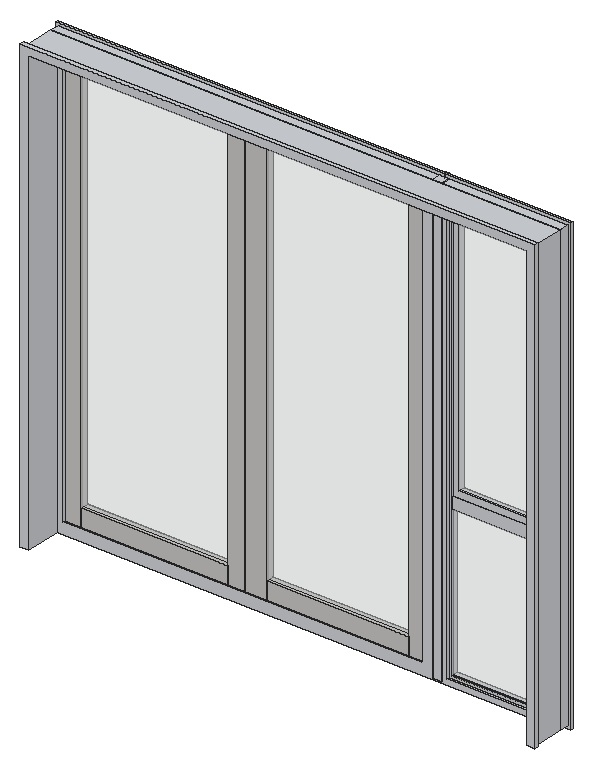
Revit family "APL Residential Thermal Heart French Door with Sidelight", category Doors, host Wall, Revit 2017 (continued)
Definition of nested family "APL Residential Thermal Heart French Door with Sidelight Horizontal Section"
  Definition of nested family "Coupling Bar"
    Definition of nested family "65190_Coupling Bar"
      Lines and regions (mm)
        model lines, in view "Ref. Level"
          curve 68: arc (-9, 42.318, 0) -> (-8.801, 42.623, 0) -> (-9.043, 42.895, 0) r 0.3
          curve 69: arc (-9.043, 42.895, 0) -> (-9.181, 42.961, 0) -> (-9.268, 43.087, 0) r 0.3
          curve 70: arc (-9.782, 44.498, 0) -> (-9.738, 44.783, 0) -> (-9.474, 44.899, 0) r 0.3
          curve 71: arc (-7.108, 44.692, 0) -> (-7.008, 44.665, 0) -> (-6.922, 44.606, 0) r 0.3
          curve 72: arc (-6.558, 44.242, 0) -> (-6.507, 44.049, 0) -> (-6.648, 43.907, 0) r 0.2
          curve 73: arc (-6.815, 43.862, 0) -> (-6.905, 43.811, 0) -> (-6.957, 43.721, 0) r 0.2
          curve 74: arc (-7.5, 41.5, 0) -> (-7.307, 41.22, 0) -> (-6.976, 41.3, 0) r 0.3
          curve 75: arc (-6.976, 41.3, 0) -> (-6.875, 41.374, 0) -> (-6.753, 41.4, 0) r 0.3
          curve 76: arc (-2.75, 41.207, 0) -> (-2.577, 41.242, 0) -> (-2.5, 41.4, 0) r 0.2
          curve 77: arc (-2.5, 41.922, 0) -> (-2.511, 42.003, 0) -> (-2.544, 42.078, 0) r 0.3
          curve 78: line (2.622, 39.5, 0) -> (-7.1, 39.5, 0)
          curve 79: line (-7.6, 39, 0) -> (-7.6, 14.758, 0)
          curve 80: line (-7.1, 14.258, 0) -> (2.498, 14.258, 0)
          curve 81: line (7.6, 20.049, 0) -> (7.6, 33.269, 0)
          curve 82: line (-3.5, 43.895, 0) -> (-3.5, 44.145, 0)
          curve 83: line (-3.3, 44.345, 0) -> (-2.484, 44.345, 0)
          curve 84: line (-2.1, 44.165, 0) -> (-0.154, 41.83, 0)
          curve 85: line (0.154, 41.83, 0) -> (2.1, 44.165, 0)
          curve 86: line (2.484, 44.345, 0) -> (3.3, 44.345, 0)
          curve 87: line (3.5, 44.145, 0) -> (3.5, 43.895, 0)
          curve 88: line (3.309, 43.331, 0) -> (2.544, 42.078, 0)
          curve 89: line (2.544, 42.078, 0) -> (2.5, 41.4, 0)
          curve 90: line (2.75, 41.207, 0) -> (3.5, 41.4, 0)
          curve 91: line (3.475, 41.394, 0) -> (6.753, 41.4, 0)
          curve 92: line (7.5, 41.655, 0) -> (6.957, 43.721, 0)
          curve 93: line (6.957, 43.721, 0) -> (6.648, 43.907, 0)
          curve 94: line (6.558, 44.242, 0) -> (6.922, 44.606, 0)
          curve 95: line (7.108, 44.692, 0) -> (9.474, 44.899, 0)
          curve 96: line (9.782, 44.498, 0) -> (9.268, 43.087, 0)
          curve 97: line (9, 42.318, 0) -> (9, 13.358, 0)
          curve 98: line (8.5, 12.858, 0) -> (1.027, 12.858, 0)
          curve 99: line (0.846, 12.742, 0) -> (0.519, 12.04, 0)
          curve 100: line (0.519, 12.04, 0) -> (0.5, 10.7, 0)
          curve 101: line (0.7, 10.5, 0) -> (6.2, 10.5, 0)
          curve 102: line (6.2, 9.3, 0) -> (1.7, 9.3, 0)
          curve 103: line (1.5, 9.1, 0) -> (1.5, 7.5, 0)
          curve 104: line (1.3, 7.3, 0) -> (1, 7.3, 0)
          curve 105: line (0.8, 7.1, 0) -> (0.8, 3.8, 0)
          curve 106: line (1, 3.6, 0) -> (1.3, 3.6, 0)
          curve 107: line (1.5, 3.4, 0) -> (1.5, 1.8, 0)
          curve 108: line (1.7, 1.6, 0) -> (8.2, 1.6, 0)
          curve 109: line (8.2, 0, 0) -> (-8.2, 0, 0)
          curve 110: line (-8.2, 1.6, 0) -> (-1.7, 1.6, 0)
          curve 111: line (-1.5, 1.8, 0) -> (-1.5, 3.4, 0)
          curve 112: line (-1.3, 3.6, 0) -> (-1, 3.6, 0)
          curve 113: line (-0.8, 3.8, 0) -> (-0.8, 7.1, 0)
          curve 114: line (-1, 7.3, 0) -> (-1.3, 7.3, 0)
          curve 115: line (-1.5, 7.5, 0) -> (-1.5, 9.1, 0)
          curve 116: line (-1.7, 9.3, 0) -> (-6.2, 9.3, 0)
          curve 117: line (-6.2, 10.5, 0) -> (-0.7, 10.5, 0)
          curve 118: line (-0.5, 10.7, 0) -> (-0.5, 11.956, 0)
          curve 119: line (-0.5, 11.956, 0) -> (-0.846, 12.742, 0)
          curve 120: line (-1.027, 12.858, 0) -> (-8.5, 12.858, 0)
          curve 121: line (-9, 13.358, 0) -> (-9, 16.258, 0)
          curve 122: line (-9, 16.258, 0) -> (-8.6, 16.658, 0)
          curve 123: line (-8.6, 16.658, 0) -> (-9, 17.058, 0)
          curve 124: line (-9, 17.058, 0) -> (-9, 36.26, 0)
          curve 125: line (-9, 36.26, 0) -> (-8.6, 36.66, 0)
          curve 126: line (-8.6, 36.66, 0) -> (-9, 37.06, 0)
          curve 127: line (-9, 37.06, 0) -> (-9, 42.318, 0)
          curve 128: line (-9.268, 43.087, 0) -> (-9.782, 44.498, 0)
          curve 129: line (-9.474, 44.899, 0) -> (-7.108, 44.692, 0)
          curve 130: line (-6.922, 44.606, 0) -> (-6.558, 44.242, 0)
          curve 131: line (-6.648, 43.907, 0) -> (-6.815, 43.862, 0)
          curve 132: line (-6.815, 43.862, 0) -> (-7.49, 41.732, 0)
          curve 133: line (-7.49, 41.732, 0) -> (-7.5, 41.5, 0)
          curve 134: line (-6.753, 41.4, 0) -> (-3.525, 41.4, 0)
          curve 135: line (-3.525, 41.4, 0) -> (-2.75, 41.207, 0)
          curve 136: line (-2.5, 41.4, 0) -> (-2.5, 41.922, 0)
          curve 137: line (-2.5, 41.922, 0) -> (-3.309, 43.331, 0)
          curve 138: arc (-3.4, 41.4, 0) -> (-3.117, 41.518, 0) -> (-3, 41.8, 0) r 0.4
          curve 139: arc (-3, 42.093, 0) -> (-3.014, 42.197, 0) -> (-3.054, 42.293, 0) r 0.4
          curve 140: arc (-3.938, 43.821, 0) -> (-4.059, 44.111, 0) -> (-4.1, 44.423, 0) r 1.2
          curve 141: arc (-4.1, 45.345, 0) -> (-4.281, 45.919, 0) -> (-4.758, 46.285, 0) r 1
          curve 142: arc (-6.937, 47.078, 0) -> (-7.128, 47.224, 0) -> (-7.2, 47.454, 0) r 0.4
          curve 143: arc (-7.2, 50.147, 0) -> (-7.128, 50.377, 0) -> (-6.937, 50.523, 0) r 0.4
          curve 144: arc (-4.758, 51.316, 0) -> (-4.281, 51.682, 0) -> (-4.1, 52.256, 0) r 1
          curve 145: arc (-4.1, 53.178, 0) -> (-4.059, 53.489, 0) -> (-3.938, 53.779, 0) r 1.2
          curve 146: arc (-3.054, 55.307, 0) -> (-3.014, 55.404, 0) -> (-3, 55.508, 0) r 0.4
          curve 147: arc (-3, 55.8, 0) -> (-3.117, 56.083, 0) -> (-3.4, 56.2, 0) r 0.4
          curve 148: arc (-6.8, 56.2, 0) -> (-7.083, 56.083, 0) -> (-7.2, 55.8, 0) r 0.4
          curve 149: arc (-7.2, 55.508, 0) -> (-7.186, 55.404, 0) -> (-7.146, 55.307, 0) r 0.4
          curve 150: arc (-6.261, 53.779, 0) -> (-6.14, 53.485, 0) -> (-6.1, 53.17, 0) r 1.2
          curve 151: arc (-6.1, 53.17, 0) -> (-6.153, 52.996, 0) -> (-6.297, 52.884, 0) r 0.3
          curve 152: arc (-8.737, 51.996, 0) -> (-8.928, 51.85, 0) -> (-9, 51.62, 0) r 0.4
          curve 153: arc (-9, 45.98, 0) -> (-8.928, 45.751, 0) -> (-8.737, 45.605, 0) r 0.4
          curve 154: arc (-6.297, 44.717, 0) -> (-6.153, 44.605, 0) -> (-6.1, 44.431, 0) r 0.3
          curve 155: arc (-6.1, 44.431, 0) -> (-6.14, 44.115, 0) -> (-6.261, 43.821, 0) r 1.2
          curve 156: arc (-7.146, 42.293, 0) -> (-7.186, 42.197, 0) -> (-7.2, 42.093, 0) r 0.4
          curve 157: arc (-7.2, 41.8, 0) -> (-7.083, 41.518, 0) -> (-6.8, 41.4, 0) r 0.4
          curve 158: line (-3, 41.8, 0) -> (-3, 42.093, 0)
          curve 159: line (-3.054, 42.293, 0) -> (-3.938, 43.821, 0)
          curve 160: line (-4.1, 44.423, 0) -> (-4.1, 45.345, 0)
          curve 161: line (-4.758, 46.285, 0) -> (-6.937, 47.078, 0)
          curve 162: line (-7.2, 47.454, 0) -> (-7.2, 50.147, 0)
          curve 163: line (-6.937, 50.523, 0) -> (-4.758, 51.316, 0)
          curve 164: line (-4.1, 52.256, 0) -> (-4.1, 53.178, 0)
          curve 165: line (-3.938, 53.779, 0) -> (-3.054, 55.307, 0)
          curve 166: line (-3, 55.508, 0) -> (-3, 55.8, 0)
          curve 167: line (-3.4, 56.2, 0) -> (-6.8, 56.2, 0)
          curve 168: line (-7.2, 55.8, 0) -> (-7.2, 55.508, 0)
          curve 169: line (-7.146, 55.307, 0) -> (-6.261, 53.779, 0)
          curve 170: line (-6.297, 52.884, 0) -> (-8.737, 51.996, 0)
          curve 171: line (-9, 51.62, 0) -> (-9, 45.98, 0)
          curve 172: line (-8.737, 45.605, 0) -> (-6.297, 44.717, 0)
          curve 173: line (-6.261, 43.821, 0) -> (-7.146, 42.293, 0)
          curve 174: line (-7.2, 42.093, 0) -> (-7.2, 41.8, 0)
          curve 175: line (-6.8, 41.4, 0) -> (-3.4, 41.4, 0)
          curve 176: arc (-19.6, 66.4, 0) -> (-19.953, 66.253, 0) -> (-20.1, 65.9, 0) r 0.5
          curve 177: arc (-20.1, 58.6, 0) -> (-19.953, 58.247, 0) -> (-19.6, 58.1, 0) r 0.5
          curve 178: arc (19.6, 58.1, 0) -> (19.953, 58.247, 0) -> (20.1, 58.6, 0) r 0.5
          curve 179: arc (20.1, 65.898, 0) -> (19.954, 66.253, 0) -> (19.6, 66.4, 0) r 0.5
          curve 180: arc (6.957, 53.88, 0) -> (6.905, 53.79, 0) -> (6.815, 53.738, 0) r 0.2
          curve 181: arc (6.648, 53.694, 0) -> (6.507, 53.552, 0) -> (6.558, 53.359, 0) r 0.2
          curve 182: arc (6.922, 52.995, 0) -> (7.008, 52.935, 0) -> (7.108, 52.908, 0) r 0.3
          curve 183: arc (9.474, 52.702, 0) -> (9.738, 52.818, 0) -> (9.782, 53.103, 0) r 0.3
          curve 184: arc (9.268, 54.514, 0) -> (9.181, 54.64, 0) -> (9.043, 54.706, 0) r 0.3
          curve 185: arc (9.043, 54.706, 0) -> (8.801, 54.978, 0) -> (9, 55.283, 0) r 0.3
          curve 186: arc (9, 56.6, 0) -> (9.058, 56.742, 0) -> (9.2, 56.8, 0) r 0.2
          curve 187: arc (21, 56.8, 0) -> (21.353, 56.947, 0) -> (21.5, 57.3, 0) r 0.5
          curve 188: arc (21.5, 65.9, 0) -> (21.646, 66.253, 0) -> (22, 66.4, 0) r 0.5
          curve 189: arc (41.15, 66.4, 0) -> (41.857, 66.107, 0) -> (42.15, 65.4, 0) r 1
          curve 190: arc (42.15, 60.631, 0) -> (42.09, 60.394, 0) -> (41.924, 60.213, 0) r 0.5
          curve 191: arc (41.924, 60.213, 0) -> (41.246, 59.474, 0) -> (41, 58.5, 0) r 2.05
          curve 192: arc (41, 56.5, 0) -> (41.7, 55.8, 0) -> (42.4, 56.5, 0) r 0.7
          curve 193: arc (42.4, 58.5, 0) -> (42.68, 59.035, 0) -> (43.279, 59.108, 0) r 0.65
          curve 194: arc (43.279, 59.108, 0) -> (43.464, 59.131, 0) -> (43.55, 59.295, 0) r 0.2
          curve 195: arc (43.55, 67.5, 0) -> (43.403, 67.853, 0) -> (43.05, 68, 0) r 0.5
          curve 196: arc (-43.05, 68, 0) -> (-43.403, 67.853, 0) -> (-43.55, 67.5, 0) r 0.5
          curve 197: arc (-43.55, 59.295, 0) -> (-43.464, 59.131, 0) -> (-43.279, 59.108, 0) r 0.2
          curve 198: arc (-43.279, 59.108, 0) -> (-42.68, 59.035, 0) -> (-42.4, 58.5, 0) r 0.65
          curve 199: arc (-42.4, 56.5, 0) -> (-41.7, 55.8, 0) -> (-41, 56.5, 0) r 0.7
          curve 200: arc (-41, 58.5, 0) -> (-41.246, 59.474, 0) -> (-41.924, 60.213, 0) r 2.05
          curve 201: arc (-41.924, 60.213, 0) -> (-42.09, 60.394, 0) -> (-42.15, 60.631, 0) r 0.5
          curve 202: arc (-42.15, 65.4, 0) -> (-41.857, 66.107, 0) -> (-41.15, 66.4, 0) r 1
          curve 203: arc (-22, 66.4, 0) -> (-21.646, 66.253, 0) -> (-21.5, 65.9, 0) r 0.5
          curve 204: arc (-21.5, 57.3, 0) -> (-21.353, 56.947, 0) -> (-21, 56.8, 0) r 0.5
          curve 205: arc (-9.2, 56.8, 0) -> (-9.058, 56.742, 0) -> (-9, 56.6, 0) r 0.2
          curve 206: arc (-9, 55.283, 0) -> (-8.801, 54.978, 0) -> (-9.043, 54.706, 0) r 0.3
          curve 207: arc (-9.043, 54.706, 0) -> (-9.181, 54.64, 0) -> (-9.268, 54.514, 0) r 0.3
          curve 208: arc (-9.782, 53.103, 0) -> (-9.738, 52.818, 0) -> (-9.474, 52.702, 0) r 0.3
          curve 209: arc (-7.108, 52.908, 0) -> (-7.008, 52.935, 0) -> (-6.922, 52.995, 0) r 0.3
          curve 210: arc (-6.558, 53.359, 0) -> (-6.507, 53.552, 0) -> (-6.648, 53.694, 0) r 0.2
          curve 211: arc (-6.815, 53.738, 0) -> (-6.905, 53.79, 0) -> (-6.957, 53.88, 0) r 0.2
          curve 212: arc (-7.5, 56.1, 0) -> (-7.307, 56.381, 0) -> (-6.976, 56.3, 0) r 0.3
          curve 213: arc (-6.976, 56.3, 0) -> (-6.875, 56.227, 0) -> (-6.753, 56.2, 0) r 0.3
          curve 214: arc (-2.75, 56.394, 0) -> (-2.577, 56.359, 0) -> (-2.5, 56.2, 0) r 0.2
          curve 215: arc (-2.5, 55.679, 0) -> (-2.511, 55.598, 0) -> (-2.544, 55.523, 0) r 0.3
          curve 216: arc (-3.309, 54.269, 0) -> (-3.479, 54.272, 0) -> (-3.611, 54.166, 0) r 0.25
          curve 217: arc (-3.663, 54.081, 0) -> (-3.679, 53.851, 0) -> (-3.5, 53.705, 0) r 0.25
          curve 218: arc (-3.5, 53.455, 0) -> (-3.441, 53.314, 0) -> (-3.3, 53.255, 0) r 0.2
          curve 219: arc (-2.484, 53.255, 0) -> (-2.272, 53.303, 0) -> (-2.1, 53.435, 0) r 0.5
          curve 220: arc (-0.154, 55.771, 0) -> (0, 55.843, 0) -> (0.154, 55.771, 0) r 0.2
          curve 221: arc (2.1, 53.435, 0) -> (2.272, 53.303, 0) -> (2.484, 53.255, 0) r 0.5
          curve 222: arc (3.3, 53.255, 0) -> (3.441, 53.314, 0) -> (3.5, 53.455, 0) r 0.2
          curve 223: arc (3.5, 53.705, 0) -> (3.679, 53.851, 0) -> (3.663, 54.081, 0) r 0.25
          curve 224: arc (3.611, 54.166, 0) -> (3.479, 54.272, 0) -> (3.309, 54.269, 0) r 0.25
          curve 225: arc (2.544, 55.523, 0) -> (2.511, 55.598, 0) -> (2.5, 55.679, 0) r 0.3
          curve 226: arc (2.5, 56.2, 0) -> (2.577, 56.359, 0) -> (2.75, 56.394, 0) r 0.2
          curve 227: line (19.6, 66.4, 0) -> (-19.6, 66.4, 0)
          curve 228: line (-20.1, 65.9, 0) -> (-20.1, 58.6, 0)
          curve 229: line (-19.6, 58.1, 0) -> (19.6, 58.1, 0)
          curve 230: line (20.1, 58.6, 0) -> (20.1, 65.898, 0)
          curve 231: line (7.5, 55.946, 0) -> (6.957, 53.88, 0)
          curve 232: line (6.957, 53.88, 0) -> (6.648, 53.694, 0)
          curve 233: line (6.558, 53.359, 0) -> (6.922, 52.995, 0)
          curve 234: line (7.108, 52.908, 0) -> (9.474, 52.702, 0)
          curve 235: line (9.782, 53.103, 0) -> (9.268, 54.514, 0)
          curve 236: line (9, 55.283, 0) -> (9, 56.6, 0)
          curve 237: line (9.2, 56.8, 0) -> (21, 56.8, 0)
          curve 238: line (21.5, 57.3, 0) -> (21.5, 65.9, 0)
          curve 239: line (22, 66.4, 0) -> (41.15, 66.4, 0)
          curve 240: line (42.15, 65.4, 0) -> (42.15, 60.631, 0)
          curve 241: line (41, 58.5, 0) -> (41, 56.5, 0)
          curve 242: line (42.4, 56.5, 0) -> (42.4, 58.5, 0)
          curve 243: line (43.55, 59.295, 0) -> (43.55, 67.5, 0)
          curve 244: line (43.05, 68, 0) -> (-43.05, 68, 0)
          curve 245: line (-43.55, 67.5, 0) -> (-43.55, 59.295, 0)
          curve 246: line (-42.4, 58.5, 0) -> (-42.4, 56.5, 0)
          curve 247: line (-41, 56.5, 0) -> (-41, 58.5, 0)
          curve 248: line (-42.15, 60.631, 0) -> (-42.15, 65.4, 0)
          curve 249: line (-41.15, 66.4, 0) -> (-22, 66.4, 0)
          curve 250: line (-21.5, 65.9, 0) -> (-21.5, 57.3, 0)
          curve 251: line (-21, 56.8, 0) -> (-9.2, 56.8, 0)
          curve 252: line (-9, 56.6, 0) -> (-9, 55.283, 0)
          curve 253: line (-9.268, 54.514, 0) -> (-9.782, 53.103, 0)
          curve 254: line (-9.474, 52.702, 0) -> (-7.108, 52.908, 0)
          curve 255: line (-6.922, 52.995, 0) -> (-6.558, 53.359, 0)
          curve 256: line (-6.648, 53.694, 0) -> (-6.815, 53.738, 0)
          curve 257: line (-6.815, 53.738, 0) -> (-7.49, 55.868, 0)
          curve 258: line (-7.49, 55.868, 0) -> (-7.5, 56.1, 0)
          curve 259: line (-6.753, 56.2, 0) -> (-3.525, 56.2, 0)
          curve 260: line (-3.525, 56.2, 0) -> (-2.75, 56.394, 0)
          curve 261: line (-2.5, 56.2, 0) -> (-2.5, 55.679, 0)
          curve 262: line (-2.5, 55.679, 0) -> (-3.309, 54.269, 0)
          curve 263: line (-3.5, 53.705, 0) -> (-3.5, 53.455, 0)
          curve 264: line (-3.3, 53.255, 0) -> (-2.484, 53.255, 0)
          curve 265: line (-2.1, 53.435, 0) -> (-0.154, 55.771, 0)
          curve 266: line (0.154, 55.771, 0) -> (2.1, 53.435, 0)
          curve 267: line (2.484, 53.255, 0) -> (3.3, 53.255, 0)
          curve 268: line (3.5, 53.455, 0) -> (3.5, 53.705, 0)
          curve 269: line (3.309, 54.269, 0) -> (2.544, 55.523, 0)
          curve 270: line (2.544, 55.523, 0) -> (2.5, 56.2, 0)
          curve 271: line (2.75, 56.394, 0) -> (3.5, 56.2, 0)
          curve 272: line (3.475, 56.207, 0) -> (6.753, 56.2, 0)
          curve 273: arc (6.753, 56.2, 0) -> (6.875, 56.227, 0) -> (6.976, 56.3, 0) r 0.3
          curve 274: arc (6.976, 56.3, 0) -> (7.307, 56.381, 0) -> (7.5, 56.1, 0) r 0.3
          curve 275: arc (3.4, 41.4, 0) -> (3.117, 41.518, 0) -> (3, 41.8, 0) r 0.4
          curve 276: arc (3, 42.093, 0) -> (3.014, 42.197, 0) -> (3.054, 42.293, 0) r 0.4
          curve 277: arc (3.938, 43.821, 0) -> (4.059, 44.111, 0) -> (4.1, 44.423, 0) r 1.2
          curve 278: arc (4.1, 45.345, 0) -> (4.281, 45.919, 0) -> (4.758, 46.285, 0) r 1
          curve 279: arc (6.937, 47.078, 0) -> (7.128, 47.224, 0) -> (7.2, 47.454, 0) r 0.4
          curve 280: arc (7.2, 50.147, 0) -> (7.128, 50.377, 0) -> (6.937, 50.523, 0) r 0.4
          curve 281: arc (4.758, 51.316, 0) -> (4.281, 51.682, 0) -> (4.1, 52.256, 0) r 1
          curve 282: arc (4.1, 53.178, 0) -> (4.059, 53.489, 0) -> (3.938, 53.779, 0) r 1.2
          curve 283: arc (3.054, 55.307, 0) -> (3.014, 55.404, 0) -> (3, 55.508, 0) r 0.4
          curve 284: arc (3, 55.8, 0) -> (3.117, 56.083, 0) -> (3.4, 56.2, 0) r 0.4
          curve 285: arc (6.8, 56.2, 0) -> (7.083, 56.083, 0) -> (7.2, 55.8, 0) r 0.4
          curve 286: arc (7.2, 55.508, 0) -> (7.186, 55.404, 0) -> (7.146, 55.307, 0) r 0.4
          curve 287: arc (6.261, 53.779, 0) -> (6.14, 53.485, 0) -> (6.1, 53.17, 0) r 1.2
          curve 288: arc (6.1, 53.17, 0) -> (6.153, 52.996, 0) -> (6.297, 52.884, 0) r 0.3
          curve 289: arc (8.737, 51.996, 0) -> (8.928, 51.85, 0) -> (9, 51.62, 0) r 0.4
          curve 290: arc (9, 45.98, 0) -> (8.928, 45.751, 0) -> (8.737, 45.605, 0) r 0.4
          curve 291: arc (6.297, 44.717, 0) -> (6.153, 44.605, 0) -> (6.1, 44.431, 0) r 0.3
          curve 292: arc (6.1, 44.431, 0) -> (6.14, 44.115, 0) -> (6.261, 43.821, 0) r 1.2
          curve 293: arc (7.146, 42.293, 0) -> (7.186, 42.197, 0) -> (7.2, 42.093, 0) r 0.4
          curve 294: arc (7.2, 41.8, 0) -> (7.083, 41.518, 0) -> (6.8, 41.4, 0) r 0.4
          curve 295: line (3, 41.8, 0) -> (3, 42.093, 0)
          curve 296: line (3.054, 42.293, 0) -> (3.938, 43.821, 0)
          curve 297: line (4.1, 44.423, 0) -> (4.1, 45.345, 0)
          curve 298: line (4.758, 46.285, 0) -> (6.937, 47.078, 0)
          curve 299: line (7.2, 47.454, 0) -> (7.2, 50.147, 0)
          curve 300: line (6.937, 50.523, 0) -> (4.758, 51.316, 0)
          curve 301: line (4.1, 52.256, 0) -> (4.1, 53.178, 0)
          curve 302: line (3.938, 53.779, 0) -> (3.054, 55.307, 0)
          curve 303: line (3, 55.508, 0) -> (3, 55.8, 0)
          curve 304: line (3.4, 56.2, 0) -> (6.8, 56.2, 0)
          curve 305: line (7.2, 55.8, 0) -> (7.2, 55.508, 0)
          curve 306: line (7.146, 55.307, 0) -> (6.261, 53.779, 0)
          curve 307: line (6.297, 52.884, 0) -> (8.737, 51.996, 0)
          curve 308: line (9, 51.62, 0) -> (9, 45.98, 0)
          curve 309: line (8.737, 45.605, 0) -> (6.297, 44.717, 0)
          curve 310: line (6.261, 43.821, 0) -> (7.146, 42.293, 0)
          curve 311: line (7.2, 42.093, 0) -> (7.2, 41.8, 0)
          curve 312: line (6.8, 41.4, 0) -> (3.4, 41.4, 0)
      Text (mm)
        text "05190" at (19.368, 96.122, 0), in view "Ref. Level"
    Definition of nested family "Frame Sash"
      Reference planes
        plane 1 "Center (Front/Back)": y = 0
        plane 2: z = 0
        plane 3 "Center (Left/Right)": x = 0
      Lines and regions (mm)
        detail lines, in view "Ref. Level"
          curve 1: arc (34.982, 25.356, 0) -> (34.672, 25.496, 0) -> (34.509, 25.197, 0) r 0.25
          curve 2: arc (34.536, 15.309, 0) -> (34.698, 15.009, 0) -> (35.008, 15.149, 0) r 0.25
          curve 3: line (34.509, 25.197, 0) -> (35.503, 21.329, 0)
          curve 4: line (35.503, 21.329, 0) -> (34.5, 20.75, 0)
          curve 5: line (34.5, 20.75, 0) -> (34.5, 19.75, 0)
          curve 6: line (34.5, 19.75, 0) -> (35.525, 19.158, 0)
          curve 7: line (35.525, 19.158, 0) -> (34.536, 15.309, 0)
          curve 8: line (35.008, 15.149, 0) -> (36.732, 19.25, 0)
          curve 9: line (36.732, 19.25, 0) -> (38, 19.25, 0)
          curve 10: line (38, 19.25, 0) -> (38, 18, 0)
          curve 11: line (38, 18, 0) -> (39, 18, 0)
          curve 12: line (39, 18, 0) -> (39, 22.5, 0)
          curve 13: line (39, 22.5, 0) -> (38, 22.5, 0)
          curve 14: line (38, 22.5, 0) -> (38, 21.25, 0)
          curve 15: line (38, 21.25, 0) -> (36.708, 21.25, 0)
          curve 16: line (36.708, 21.25, 0) -> (34.982, 25.356, 0)
        detail lines, in view "Ref. Level", not visible
          curve 17: arc (33.161, -9.933, 0) -> (32.851, -9.793, 0) -> (32.689, -10.092, 0) r 0.25
          curve 18: arc (32.715, -19.98, 0) -> (32.877, -20.279, 0) -> (33.188, -20.139, 0) r 0.25
          curve 19: line (32.689, -10.092, 0) -> (33.683, -13.959, 0)
          curve 20: line (33.683, -13.959, 0) -> (32.679, -14.539, 0)
          curve 21: line (32.679, -14.539, 0) -> (32.679, -15.539, 0)
          curve 22: line (32.679, -15.539, 0) -> (33.705, -16.131, 0)
          curve 23: line (33.705, -16.131, 0) -> (32.715, -19.98, 0)
          curve 24: line (33.188, -20.139, 0) -> (34.912, -16.039, 0)
          curve 25: line (34.912, -16.039, 0) -> (36.179, -16.039, 0)
          curve 26: line (36.179, -16.039, 0) -> (36.179, -17.289, 0)
          curve 27: line (36.179, -17.289, 0) -> (37.179, -17.289, 0)
          curve 28: line (37.179, -17.289, 0) -> (37.179, -12.789, 0)
          curve 29: line (37.179, -12.789, 0) -> (36.179, -12.789, 0)
          curve 30: line (36.179, -12.789, 0) -> (36.179, -14.039, 0)
          curve 31: line (36.179, -14.039, 0) -> (34.887, -14.039, 0)
          curve 32: line (34.887, -14.039, 0) -> (33.161, -9.933, 0)
      Nested families
        nested 1: "65720_Sash" at (-6.3, 14.5, 0), type "65720_Sash", in view "Ref. Level"
        nested 2: "65180_Sidelight Frame" at (36.7, 51.5, 0) x (0, -1, 0) z (0, 0, 1), type "65180_Sidelight Frame", in view "Ref. Level"
      Definition of nested family "65720_Sash"
        Reference planes
          plane 1 "Center (Front/Back)": y = 0
          plane 2: z = 0
          plane 3 "Center (Left/Right)": x = 0
        Lines and regions (mm)
          detail lines, in view "Ref. Level"
            curve 1: arc (-0.482, 17.85, 0) -> (-0.172, 17.71, 0) -> (-0.009, 18.009, 0) r 0.25
            curve 2: arc (-0.036, 27.897, 0) -> (-0.198, 28.196, 0) -> (-0.508, 28.056, 0) r 0.25
            curve 3: line (-0.009, 18.009, 0) -> (-1.003, 21.876, 0)
            curve 4: line (-1.003, 21.876, 0) -> (0, 22.455, 0)
            curve 5: line (0, 22.455, 0) -> (0, 23.455, 0)
            curve 6: line (0, 23.455, 0) -> (-1.025, 24.047, 0)
            curve 7: line (-1.025, 24.047, 0) -> (-0.036, 27.897, 0)
            curve 8: line (-0.508, 28.056, 0) -> (-2.232, 23.955, 0)
            curve 9: line (-2.232, 23.955, 0) -> (-3.5, 23.955, 0)
            curve 10: line (-3.5, 23.955, 0) -> (-3.5, 25.205, 0)
            curve 11: line (-3.5, 25.205, 0) -> (-4.5, 25.205, 0)
            curve 12: line (-4.5, 25.205, 0) -> (-4.5, 20.705, 0)
            curve 13: line (-4.5, 20.705, 0) -> (-3.5, 20.705, 0)
            curve 14: line (-3.5, 20.705, 0) -> (-3.5, 21.955, 0)
            curve 15: line (-3.5, 21.955, 0) -> (-2.208, 21.955, 0)
            curve 16: line (-2.208, 21.955, 0) -> (-0.482, 17.85, 0)
          detail lines, in view "Ref. Level", not visible
            curve 17: arc (33.161, -9.933, 0) -> (32.851, -9.793, 0) -> (32.689, -10.092, 0) r 0.25
            curve 18: arc (32.715, -19.98, 0) -> (32.877, -20.279, 0) -> (33.188, -20.139, 0) r 0.25
            curve 19: line (32.689, -10.092, 0) -> (33.683, -13.959, 0)
            curve 20: line (33.683, -13.959, 0) -> (32.679, -14.539, 0)
            curve 21: line (32.679, -14.539, 0) -> (32.679, -15.539, 0)
            curve 22: line (32.679, -15.539, 0) -> (33.705, -16.131, 0)
            curve 23: line (33.705, -16.131, 0) -> (32.715, -19.98, 0)
            curve 24: line (33.188, -20.139, 0) -> (34.912, -16.039, 0)
            curve 25: line (34.912, -16.039, 0) -> (36.179, -16.039, 0)
            curve 26: line (36.179, -16.039, 0) -> (36.179, -17.289, 0)
            curve 27: line (36.179, -17.289, 0) -> (37.179, -17.289, 0)
            curve 28: line (37.179, -17.289, 0) -> (37.179, -12.789, 0)
            curve 29: line (37.179, -12.789, 0) -> (36.179, -12.789, 0)
            curve 30: line (36.179, -12.789, 0) -> (36.179, -14.039, 0)
            curve 31: line (36.179, -14.039, 0) -> (34.887, -14.039, 0)
            curve 32: line (34.887, -14.039, 0) -> (33.161, -9.933, 0)
          model lines, in view "Ref. Level"
            curve 33: arc (17.915, 0.146, 0) -> (17.978, 0, 0) -> (17.915, -0.146, 0) r 0.2
            curve 34: arc (17.915, -0.146, 0) -> (17.682, -0.477, 0) -> (17.6, -0.874, 0) r 1
            curve 35: arc (17.6, -2.45, 0) -> (17.728, -2.668, 0) -> (17.98, -2.663, 0) r 0.25
            curve 36: arc (18.066, -2.611, 0) -> (18.172, -2.479, 0) -> (18.169, -2.309, 0) r 0.25
            curve 37: arc (19.422, -1.544, 0) -> (19.498, -1.511, 0) -> (19.579, -1.5, 0) r 0.3
            curve 38: arc (20.1, -1.5, 0) -> (20.258, -1.578, 0) -> (20.294, -1.75, 0) r 0.2
            curve 39: arc (20.1, -5.753, 0) -> (20.126, -5.875, 0) -> (20.2, -5.976, 0) r 0.3
            curve 40: arc (20.2, -5.976, 0) -> (20.28, -6.307, 0) -> (20, -6.5, 0) r 0.3
            curve 41: arc (17.779, -5.957, 0) -> (17.69, -5.905, 0) -> (17.638, -5.816, 0) r 0.2
            curve 42: arc (17.593, -5.648, 0) -> (17.452, -5.507, 0) -> (17.259, -5.559, 0) r 0.2
            curve 43: arc (16.895, -5.922, 0) -> (16.835, -6.008, 0) -> (16.808, -6.108, 0) r 0.3
            curve 44: arc (16.601, -8.474, 0) -> (16.717, -8.738, 0) -> (17.003, -8.782, 0) r 0.3
            curve 45: arc (18.413, -8.268, 0) -> (18.539, -8.181, 0) -> (18.605, -8.043, 0) r 0.3
            curve 46: arc (18.605, -8.043, 0) -> (18.878, -7.801, 0) -> (19.183, -8, 0) r 0.3
            curve 47: arc (38.5, -8, 0) -> (38.855, -8.145, 0) -> (39, -8.5, 0) r 0.496
            curve 48: arc (37.5, -13.6, 0) -> (36.793, -13.893, 0) -> (36.5, -14.6, 0) r 1
            curve 49: arc (36.5, -15.098, 0) -> (37, -15.599, 0) -> (37.5, -15.099, 0) r 0.5
            curve 50: arc (39.4, -19.8, 0) -> (39.1, -20.1, 0) -> (39.4, -20.4, 0) r 0.3
            curve 51: arc (37.5, -24.002, 0) -> (37.354, -23.647, 0) -> (37, -23.5, 0) r 0.5
            curve 52: arc (36.001, -23.5, 0) -> (35.859, -23.441, 0) -> (35.8, -23.3, 0) r 0.2
            curve 53: arc (35.8, -23.308, 0) -> (35.697, -23.003, 0) -> (35.429, -22.825, 0) r 0.5
            curve 54: arc (34.552, -22.589, 0) -> (34.378, -22.624, 0) -> (34.3, -22.783, 0) r 0.2
            curve 55: arc (34.52, -24.835, 0) -> (34.588, -24.953, 0) -> (34.717, -25, 0) r 0.2
            curve 56: arc (36, -26.8, 0) -> (36.059, -26.941, 0) -> (36.2, -27, 0) r 0.2
            curve 57: arc (40.6, -27, 0) -> (40.741, -26.941, 0) -> (40.8, -26.8, 0) r 0.2
            curve 58: arc (40.8, 9.2, 0) -> (40.2, 9.801, 0) -> (39.6, 9.2, 0) r 0.6
            curve 59: arc (34.719, 4.17, 0) -> (34.38, 4.303, 0) -> (34.221, 4.63, 0) r 0.5
            curve 60: arc (34.221, 4.63, 0) -> (34.008, 5.519, 0) -> (33.531, 6.299, 0) r 2.93
            curve 61: arc (33.531, 6.299, 0) -> (33.518, 6.54, 0) -> (33.747, 6.618, 0) r 0.2
            curve 62: arc (33.747, 6.618, 0) -> (34.115, 6.712, 0) -> (34.181, 7.087, 0) r 0.35
            curve 63: arc (34.181, 7.087, 0) -> (33.629, 7.751, 0) -> (32.801, 8, 0) r 1.498
            curve 64: arc (19.183, 8, 0) -> (18.878, 7.801, 0) -> (18.605, 8.043, 0) r 0.3
            curve 65: arc (18.605, 8.043, 0) -> (18.539, 8.181, 0) -> (18.413, 8.268, 0) r 0.3
            curve 66: arc (17.003, 8.782, 0) -> (16.717, 8.738, 0) -> (16.601, 8.474, 0) r 0.3
            curve 67: arc (16.808, 6.108, 0) -> (16.835, 6.008, 0) -> (16.895, 5.922, 0) r 0.3
            curve 68: arc (17.259, 5.559, 0) -> (17.452, 5.507, 0) -> (17.593, 5.648, 0) r 0.2
            curve 69: arc (17.638, 5.816, 0) -> (17.69, 5.905, 0) -> (17.779, 5.957, 0) r 0.2
            curve 70: arc (20, 6.5, 0) -> (20.28, 6.307, 0) -> (20.2, 5.976, 0) r 0.3
            curve 71: arc (20.2, 5.976, 0) -> (20.126, 5.875, 0) -> (20.1, 5.753, 0) r 0.3
            curve 72: arc (20.294, 1.75, 0) -> (20.258, 1.578, 0) -> (20.1, 1.5, 0) r 0.2
            curve 73: arc (19.579, 1.5, 0) -> (19.498, 1.511, 0) -> (19.423, 1.544, 0) r 0.3
            curve 74: arc (18.169, 2.309, 0) -> (18.172, 2.479, 0) -> (18.066, 2.611, 0) r 0.25
            curve 75: arc (17.98, 2.663, 0) -> (17.728, 2.668, 0) -> (17.6, 2.45, 0) r 0.25
            curve 76: arc (17.6, 0.874, 0) -> (17.682, 0.477, 0) -> (17.915, 0.146, 0) r 1
            curve 77: arc (28.892, 6.6, 0) -> (29.073, 6.485, 0) -> (29.046, 6.272, 0) r 0.2
            curve 78: arc (29.046, 6.272, 0) -> (28.37, 4.41, 0) -> (29.034, 2.543, 0) r 2.93
            curve 79: arc (29.034, 2.543, 0) -> (30.019, 2.445, 0) -> (30.116, 3.43, 0) r 0.7
            curve 80: arc (30.116, 3.43, 0) -> (29.77, 4.4, 0) -> (30.116, 5.37, 0) r 1.53
            curve 81: arc (30.116, 5.37, 0) -> (30.208, 5.514, 0) -> (30.262, 5.676, 0) r 0.7
            curve 82: arc (30.262, 5.676, 0) -> (30.359, 5.888, 0) -> (30.541, 6.032, 0) r 0.5
            curve 83: arc (30.541, 6.032, 0) -> (31.3, 6.2, 0) -> (32.059, 6.032, 0) r 1.8
            curve 84: arc (32.059, 6.032, 0) -> (32.241, 5.888, 0) -> (32.338, 5.676, 0) r 0.5
            curve 85: arc (32.338, 5.676, 0) -> (32.392, 5.514, 0) -> (32.484, 5.37, 0) r 0.7
            curve 86: arc (32.484, 5.37, 0) -> (32.83, 4.4, 0) -> (32.484, 3.43, 0) r 1.53
            curve 87: arc (32.484, 3.43, 0) -> (32.581, 2.445, 0) -> (33.566, 2.543, 0) r 0.7
            curve 88: arc (33.566, 2.543, 0) -> (33.647, 2.645, 0) -> (33.722, 2.751, 0) r 2.93
            curve 89: arc (33.722, 2.751, 0) -> (33.902, 2.912, 0) -> (34.135, 2.97, 0) r 0.5
            curve 90: arc (38.899, 2.97, 0) -> (39.253, 2.824, 0) -> (39.4, 2.47, 0) r 0.5
            curve 91: arc (39.4, -6.3, 0) -> (39.254, -6.654, 0) -> (38.9, -6.8, 0) r 0.5
            curve 92: arc (22.502, -6.8, 0) -> (22.147, -6.654, 0) -> (22, -6.3, 0) r 0.5
            curve 93: line (17.6, -0.874, 0) -> (17.6, -2.45, 0)
            curve 94: line (18.169, -2.309, 0) -> (19.422, -1.544, 0)
            curve 95: line (19.422, -1.544, 0) -> (20.1, -1.5, 0)
            curve 96: line (20.294, -1.75, 0) -> (20.106, -2.475, 0)
            curve 97: line (20.106, -2.475, 0) -> (20.1, -5.753, 0)
            curve 98: line (19.846, -6.5, 0) -> (17.779, -5.957, 0)
            curve 99: line (17.779, -5.957, 0) -> (17.593, -5.648, 0)
            curve 100: line (17.259, -5.559, 0) -> (16.895, -5.922, 0)
            curve 101: line (16.808, -6.108, 0) -> (16.601, -8.474, 0)
            curve 102: line (17.003, -8.782, 0) -> (18.413, -8.268, 0)
            curve 103: line (19.183, -8, 0) -> (38.5, -8, 0)
            curve 104: line (39, -8.5, 0) -> (39, -13.6, 0)
            curve 105: line (39, -13.6, 0) -> (37.5, -13.6, 0)
            curve 106: line (36.5, -14.6, 0) -> (36.5, -15.098, 0)
            curve 107: line (37.5, -15.099, 0) -> (37.5, -14.6, 0)
            curve 108: line (37.5, -14.6, 0) -> (39.4, -14.6, 0)
            curve 109: line (39.4, -14.6, 0) -> (39.4, -19.8, 0)
            curve 110: line (39.4, -20.4, 0) -> (39.4, -25.6, 0)
            curve 111: line (39.4, -25.6, 0) -> (37.5, -25.6, 0)
            curve 112: line (37.5, -25.6, 0) -> (37.5, -24.002, 0)
            curve 113: line (37, -23.5, 0) -> (36.001, -23.5, 0)
            curve 114: line (35.429, -22.825, 0) -> (34.552, -22.589, 0)
            curve 115: line (34.3, -22.783, 0) -> (34.3, -23.589, 0)
            curve 116: line (34.3, -23.589, 0) -> (34.52, -24.835, 0)
            curve 117: line (34.717, -25, 0) -> (36, -25, 0)
            curve 118: line (36, -25, 0) -> (36, -26.8, 0)
            curve 119: line (36.2, -27, 0) -> (40.6, -27, 0)
            curve 120: line (40.8, -26.8, 0) -> (40.8, 9.2, 0)
            curve 121: line (39.6, 9.2, 0) -> (39.6, 4.17, 0)
            curve 122: line (39.6, 4.17, 0) -> (34.719, 4.17, 0)
            curve 123: line (32.801, 8, 0) -> (24.7, 8, 0)
            curve 124: line (24.7, 8, 0) -> (24.3, 7.6, 0)
            curve 125: line (24.3, 7.6, 0) -> (23.9, 8, 0)
            curve 126: line (23.9, 8, 0) -> (19.183, 8, 0)
            curve 127: line (18.413, 8.268, 0) -> (17.003, 8.782, 0)
            curve 128: line (16.601, 8.474, 0) -> (16.808, 6.108, 0)
            curve 129: line (16.895, 5.922, 0) -> (17.259, 5.559, 0)
            curve 130: line (17.593, 5.648, 0) -> (17.638, 5.816, 0)
            curve 131: line (17.638, 5.816, 0) -> (19.768, 6.49, 0)
            curve 132: line (19.768, 6.49, 0) -> (20, 6.5, 0)
            curve 133: line (20.1, 5.753, 0) -> (20.1, 2.525, 0)
            curve 134: line (20.1, 2.525, 0) -> (20.294, 1.75, 0)
            curve 135: line (20.1, 1.5, 0) -> (19.579, 1.5, 0)
            curve 136: line (19.579, 1.5, 0) -> (18.169, 2.309, 0)
            curve 137: line (17.6, 2.45, 0) -> (17.6, 0.874, 0)
            curve 138: line (22.5, 6.6, 0) -> (28.892, 6.6, 0)
            curve 139: line (34.135, 2.97, 0) -> (38.899, 2.97, 0)
            curve 140: line (39.4, 2.47, 0) -> (39.4, -6.3, 0)
            curve 141: line (38.9, -6.8, 0) -> (22.502, -6.8, 0)
            curve 142: line (22, -6.3, 0) -> (22, 6.1, 0)
            curve 143: arc (22, 6.1, 0) -> (22.146, 6.454, 0) -> (22.5, 6.6, 0) r 0.5
            curve 144: arc (12.714, 14.359, 0) -> (13.138, 14.183, 0) -> (13.314, 13.759, 0) r 0.6
            curve 145: arc (13.633, 5.978, 0) -> (13.937, 5.291, 0) -> (14.633, 5.009, 0) r 1
            curve 146: arc (17.054, 5.009, 0) -> (17.364, 5.05, 0) -> (17.654, 5.17, 0) r 1.2
            curve 147: arc (19.714, 6.209, 0) -> (19.996, 6.092, 0) -> (20.114, 5.809, 0) r 0.4
            curve 148: arc (20.014, 4.834, 0) -> (19.955, 4.693, 0) -> (19.814, 4.634, 0) r 0.2
            curve 149: arc (19.617, 4.653, 0) -> (19.041, 4.615, 0) -> (18.764, 4.109, 0) r 0.6
            curve 150: arc (18.764, 4.109, 0) -> (19.041, 3.603, 0) -> (19.617, 3.565, 0) r 0.6
            curve 151: arc (19.814, 3.584, 0) -> (19.955, 3.525, 0) -> (20.014, 3.384, 0) r 0.2
            curve 152: arc (20.114, 2.409, 0) -> (19.996, 2.126, 0) -> (19.714, 2.009, 0) r 0.4
            curve 153: arc (17.654, 3.048, 0) -> (17.364, 3.168, 0) -> (17.054, 3.209, 0) r 1.2
            curve 154: arc (8.374, 3.209, 0) -> (8.063, 3.168, 0) -> (7.774, 3.048, 0) r 1.2
            curve 155: arc (5.714, 2.009, 0) -> (5.431, 2.126, 0) -> (5.314, 2.409, 0) r 0.4
            curve 156: arc (5.414, 3.384, 0) -> (5.472, 3.525, 0) -> (5.614, 3.584, 0) r 0.2
            curve 157: arc (5.81, 3.565, 0) -> (6.386, 3.603, 0) -> (6.664, 4.109, 0) r 0.6
            curve 158: arc (6.664, 4.109, 0) -> (6.386, 4.615, 0) -> (5.81, 4.653, 0) r 0.6
            curve 159: arc (5.614, 4.634, 0) -> (5.472, 4.693, 0) -> (5.414, 4.834, 0) r 0.2
            curve 160: arc (5.314, 5.809, 0) -> (5.431, 6.092, 0) -> (5.714, 6.209, 0) r 0.4
            curve 161: arc (7.774, 5.17, 0) -> (8.063, 5.05, 0) -> (8.374, 5.009, 0) r 1.2
            curve 162: arc (10.794, 5.009, 0) -> (11.49, 5.291, 0) -> (11.794, 5.978, 0) r 1
            curve 163: line (13.314, 13.759, 0) -> (13.633, 5.978, 0)
            curve 164: line (14.633, 5.009, 0) -> (16.946, 5.009, 0)
            curve 165: line (17.654, 5.17, 0) -> (18.414, 5.609, 0)
            curve 166: line (18.414, 5.609, 0) -> (19.407, 6.182, 0)
            curve 167: line (19.407, 6.182, 0) -> (19.714, 6.209, 0)
            curve 168: line (20.114, 5.809, 0) -> (20.114, 5.309, 0)
            curve 169: line (20.114, 5.309, 0) -> (20.014, 4.834, 0)
            curve 170: line (20.014, 3.384, 0) -> (20.014, 3.009, 0)
            curve 171: line (20.014, 3.009, 0) -> (20.114, 2.409, 0)
            curve 172: line (19.714, 2.009, 0) -> (19.507, 2.009, 0)
            curve 173: line (19.507, 2.009, 0) -> (18.414, 2.609, 0)
            curve 174: line (18.414, 2.609, 0) -> (17.654, 3.048, 0)
            curve 175: line (16.946, 3.209, 0) -> (12.714, 3.209, 0)
            curve 176: line (12.714, 3.209, 0) -> (8.374, 3.209, 0)
            curve 177: line (7.774, 3.048, 0) -> (6.02, 2.036, 0)
            curve 178: line (6.02, 2.036, 0) -> (5.714, 2.009, 0)
            curve 179: line (5.314, 2.409, 0) -> (5.314, 2.909, 0)
            curve 180: line (5.314, 2.909, 0) -> (5.414, 3.384, 0)
            curve 181: line (5.414, 4.834, 0) -> (5.414, 5.209, 0)
            curve 182: line (5.414, 5.209, 0) -> (5.314, 5.809, 0)
            curve 183: line (5.714, 6.209, 0) -> (5.92, 6.209, 0)
            curve 184: line (5.92, 6.209, 0) -> (7.774, 5.17, 0)
            curve 185: line (8.374, 5.009, 0) -> (10.794, 5.009, 0)
            curve 186: line (11.794, 5.978, 0) -> (12.114, 13.768, 0)
            curve 187: arc (12.114, 13.768, 0) -> (12.293, 14.187, 0) -> (12.714, 14.359, 0) r 0.6
            curve 188: arc (5.3, -2.4, 0) -> (5.417, -2.117, 0) -> (5.7, -2, 0) r 0.4
            curve 189: arc (5.993, -2, 0) -> (6.096, -2.014, 0) -> (6.193, -2.054, 0) r 0.4
            curve 190: arc (7.721, -2.939, 0) -> (8.011, -3.059, 0) -> (8.322, -3.1, 0) r 1.2
            curve 191: arc (9.245, -3.1, 0) -> (9.818, -3.281, 0) -> (10.184, -3.758, 0) r 1
            curve 192: arc (10.977, -5.937, 0) -> (11.124, -6.128, 0) -> (11.353, -6.2, 0) r 0.4
            curve 193: arc (14.047, -6.2, 0) -> (14.276, -6.128, 0) -> (14.423, -5.937, 0) r 0.4
            curve 194: arc (15.216, -3.758, 0) -> (15.582, -3.281, 0) -> (16.155, -3.1, 0) r 1
            curve 195: arc (17.078, -3.1, 0) -> (17.389, -3.059, 0) -> (17.679, -2.939, 0) r 1.2
            curve 196: arc (19.207, -2.054, 0) -> (19.304, -2.014, 0) -> (19.407, -2, 0) r 0.4
            curve 197: arc (19.7, -2, 0) -> (19.983, -2.117, 0) -> (20.1, -2.4, 0) r 0.4
            curve 198: arc (20.1, -5.8, 0) -> (19.983, -6.083, 0) -> (19.7, -6.2, 0) r 0.4
            curve 199: arc (19.407, -6.2, 0) -> (19.304, -6.186, 0) -> (19.207, -6.146, 0) r 0.4
            curve 200: arc (17.679, -5.261, 0) -> (17.385, -5.14, 0) -> (17.07, -5.1, 0) r 1.2
            curve 201: arc (17.07, -5.1, 0) -> (16.895, -5.153, 0) -> (16.784, -5.297, 0) r 0.3
            curve 202: arc (15.896, -7.737, 0) -> (15.749, -7.928, 0) -> (15.52, -8, 0) r 0.4
            curve 203: arc (9.88, -8, 0) -> (9.651, -7.928, 0) -> (9.504, -7.737, 0) r 0.4
            curve 204: arc (8.616, -5.297, 0) -> (8.505, -5.153, 0) -> (8.33, -5.1, 0) r 0.3
            curve 205: arc (8.33, -5.1, 0) -> (8.015, -5.14, 0) -> (7.721, -5.261, 0) r 1.2
            curve 206: arc (6.193, -6.146, 0) -> (6.096, -6.186, 0) -> (5.993, -6.2, 0) r 0.4
            curve 207: arc (5.7, -6.2, 0) -> (5.417, -6.083, 0) -> (5.3, -5.8, 0) r 0.4
            curve 208: line (5.7, -2, 0) -> (5.993, -2, 0)
            curve 209: line (6.193, -2.054, 0) -> (7.721, -2.939, 0)
            curve 210: line (8.322, -3.1, 0) -> (9.245, -3.1, 0)
            curve 211: line (10.184, -3.758, 0) -> (10.977, -5.937, 0)
            curve 212: line (11.353, -6.2, 0) -> (14.047, -6.2, 0)
            curve 213: line (14.423, -5.937, 0) -> (15.216, -3.758, 0)
            curve 214: line (16.155, -3.1, 0) -> (17.078, -3.1, 0)
            curve 215: line (17.679, -2.939, 0) -> (19.207, -2.054, 0)
            curve 216: line (19.407, -2, 0) -> (19.7, -2, 0)
            curve 217: line (20.1, -2.4, 0) -> (20.1, -5.8, 0)
            curve 218: line (19.7, -6.2, 0) -> (19.407, -6.2, 0)
            curve 219: line (19.207, -6.146, 0) -> (17.679, -5.261, 0)
            curve 220: line (16.784, -5.297, 0) -> (15.896, -7.737, 0)
            curve 221: line (15.52, -8, 0) -> (9.88, -8, 0)
            curve 222: line (9.504, -7.737, 0) -> (8.616, -5.297, 0)
            curve 223: line (7.721, -5.261, 0) -> (6.193, -6.146, 0)
            curve 224: line (5.993, -6.2, 0) -> (5.7, -6.2, 0)
            curve 225: line (5.3, -5.8, 0) -> (5.3, -2.4, 0)
            curve 226: arc (7.8, -0.874, 0) -> (7.718, -0.477, 0) -> (7.485, -0.146, 0) r 1
            curve 227: arc (7.485, -0.146, 0) -> (7.422, 0, 0) -> (7.485, 0.146, 0) r 0.2
            curve 228: arc (7.485, 0.146, 0) -> (7.718, 0.477, 0) -> (7.8, 0.874, 0) r 1
            curve 229: arc (7.8, 2.449, 0) -> (7.673, 2.668, 0) -> (7.42, 2.663, 0) r 0.25
            curve 230: arc (7.334, 2.611, 0) -> (7.228, 2.479, 0) -> (7.231, 2.309, 0) r 0.25
            curve 231: arc (5.977, 1.544, 0) -> (5.902, 1.511, 0) -> (5.821, 1.5, 0) r 0.3
            curve 232: arc (5.3, 1.5, 0) -> (5.142, 1.578, 0) -> (5.106, 1.75, 0) r 0.2
            curve 233: arc (5.3, 5.753, 0) -> (5.274, 5.875, 0) -> (5.2, 5.976, 0) r 0.3
            curve 234: arc (5.2, 5.976, 0) -> (5.12, 6.307, 0) -> (5.4, 6.5, 0) r 0.3
            curve 235: arc (7.621, 5.957, 0) -> (7.71, 5.905, 0) -> (7.762, 5.816, 0) r 0.2
            curve 236: arc (7.807, 5.648, 0) -> (7.948, 5.507, 0) -> (8.141, 5.559, 0) r 0.2
            curve 237: arc (8.505, 5.922, 0) -> (8.565, 6.008, 0) -> (8.592, 6.108, 0) r 0.3
            curve 238: arc (8.799, 8.474, 0) -> (8.683, 8.738, 0) -> (8.397, 8.782, 0) r 0.3
            curve 239: arc (6.987, 8.268, 0) -> (6.861, 8.181, 0) -> (6.795, 8.043, 0) r 0.3
            curve 240: arc (6.795, 8.043, 0) -> (6.522, 7.801, 0) -> (6.217, 8, 0) r 0.3
            curve 241: arc (-3.3, 8, 0) -> (-4.007, 8.293, 0) -> (-4.3, 9, 0) r 1
            curve 242: arc (-4.3, 18.8, 0) -> (-4.241, 18.941, 0) -> (-4.1, 19, 0) r 0.2
            curve 243: arc (-3.2, 19, 0) -> (-2.493, 19.293, 0) -> (-2.2, 20, 0) r 1
            curve 244: arc (-2.2, 20.751, 0) -> (-2.7, 21.252, 0) -> (-3.2, 20.751, 0) r 0.5
            curve 245: arc (-3.2, 24.751, 0) -> (-2.7, 24.249, 0) -> (-2.2, 24.751, 0) r 0.5
            curve 246: arc (-2.2, 25.501, 0) -> (-2.493, 26.207, 0) -> (-3.199, 26.5, 0) r 0.999
            curve 247: arc (-4.7, 26.5, 0) -> (-5.407, 26.207, 0) -> (-5.7, 25.5, 0) r 1
            curve 248: arc (-5.7, -14.454, 0) -> (-5.548, -15.22, 0) -> (-5.114, -15.869, 0) r 2
            curve 249: arc (5.959, -26.941, 0) -> (6.177, -26.985, 0) -> (6.3, -26.8, 0) r 0.2
            curve 250: arc (6.3, -22.85, 0) -> (6.241, -22.709, 0) -> (6.1, -22.65, 0) r 0.2
            curve 251: arc (5.501, -22.65, 0) -> (5.359, -22.708, 0) -> (5.3, -22.85, 0) r 0.2
            curve 252: arc (5.3, -23.2, 0) -> (5.241, -23.341, 0) -> (5.1, -23.4, 0) r 0.201
            curve 253: arc (4.497, -23.4, 0) -> (4.357, -23.341, 0) -> (4.3, -23.2, 0) r 0.198
            curve 254: arc (4.3, -20.1, 0) -> (4.358, -19.96, 0) -> (4.497, -19.9, 0) r 0.2
            curve 255: arc (5.1, -19.9, 0) -> (5.241, -19.959, 0) -> (5.3, -20.1, 0) r 0.2
            curve 256: arc (5.3, -20.45, 0) -> (5.359, -20.591, 0) -> (5.5, -20.65, 0) r 0.2
            curve 257: arc (6.1, -20.65, 0) -> (6.241, -20.591, 0) -> (6.3, -20.45, 0) r 0.2
            curve 258: arc (6.3, -19.092, 0) -> (6.244, -18.951, 0) -> (6.1, -18.9, 0) r 0.184
            curve 259: arc (6.217, -8, 0) -> (6.522, -7.801, 0) -> (6.795, -8.043, 0) r 0.3
            curve 260: arc (6.795, -8.043, 0) -> (6.861, -8.181, 0) -> (6.987, -8.268, 0) r 0.3
            curve 261: arc (8.397, -8.782, 0) -> (8.683, -8.738, 0) -> (8.799, -8.474, 0) r 0.3
            curve 262: arc (8.592, -6.108, 0) -> (8.565, -6.008, 0) -> (8.505, -5.922, 0) r 0.3
            curve 263: arc (8.141, -5.559, 0) -> (7.948, -5.507, 0) -> (7.807, -5.648, 0) r 0.2
            curve 264: arc (7.762, -5.816, 0) -> (7.71, -5.905, 0) -> (7.621, -5.957, 0) r 0.2
            curve 265: arc (5.4, -6.5, 0) -> (5.12, -6.307, 0) -> (5.2, -5.976, 0) r 0.3
            curve 266: arc (5.2, -5.976, 0) -> (5.274, -5.875, 0) -> (5.3, -5.753, 0) r 0.3
            curve 267: arc (5.106, -1.75, 0) -> (5.142, -1.578, 0) -> (5.3, -1.5, 0) r 0.2
            curve 268: arc (5.82, -1.5, 0) -> (5.902, -1.511, 0) -> (5.977, -1.544, 0) r 0.3
            curve 269: arc (7.231, -2.309, 0) -> (7.228, -2.479, 0) -> (7.334, -2.611, 0) r 0.25
            curve 270: arc (7.42, -2.663, 0) -> (7.672, -2.668, 0) -> (7.8, -2.45, 0) r 0.25
            curve 271: arc (-0.454, 6.272, 0) -> (-0.427, 6.485, 0) -> (-0.608, 6.6, 0) r 0.2
            curve 272: arc (-3.4, 6.6, 0) -> (-4.107, 6.307, 0) -> (-4.4, 5.6, 0) r 1
            curve 273: arc (-4.4, -2.447, 0) -> (-4.254, -2.802, 0) -> (-3.9, -2.949, 0) r 0.5
            curve 274: arc (-2.4, -2.949, 0) -> (-1.693, -3.242, 0) -> (-1.4, -3.949, 0) r 1
            curve 275: arc (-1.4, -4.449, 0) -> (-1.9, -4.949, 0) -> (-2.4, -4.449, 0) r 0.5
            curve 276: arc (-4, -3.949, 0) -> (-4.283, -4.067, 0) -> (-4.4, -4.349, 0) r 0.4
            curve 277: arc (-4.4, -9.05, 0) -> (-4, -9.45, 0) -> (-4.4, -9.85, 0) r 0.4
            curve 278: arc (-4.4, -14.452, 0) -> (-4.347, -14.721, 0) -> (-4.195, -14.949, 0) r 0.7
            curve 279: arc (-2.4, -14.449, 0) -> (-1.9, -13.949, 0) -> (-1.4, -14.449, 0) r 0.5
            curve 280: arc (-1.4, -15.007, 0) -> (-1.602, -15.609, 0) -> (-2.125, -15.969, 0) r 1
            curve 281: arc (-2.125, -15.969, 0) -> (-2.472, -16.324, 0) -> (-2.341, -16.803, 0) r 0.5
            curve 282: arc (2.959, -22.103, 0) -> (3.177, -22.146, 0) -> (3.3, -21.962, 0) r 0.2
            curve 283: line (7.8, 0.874, 0) -> (7.8, 2.449, 0)
            curve 284: line (7.231, 2.309, 0) -> (5.977, 1.544, 0)
            curve 285: line (5.977, 1.544, 0) -> (5.3, 1.5, 0)
            curve 286: line (5.106, 1.75, 0) -> (5.294, 2.475, 0)
            curve 287: line (5.294, 2.475, 0) -> (5.3, 5.753, 0)
            curve 288: line (5.554, 6.5, 0) -> (7.621, 5.957, 0)
            curve 289: line (7.621, 5.957, 0) -> (7.807, 5.648, 0)
            curve 290: line (8.141, 5.559, 0) -> (8.505, 5.922, 0)
            curve 291: line (8.592, 6.108, 0) -> (8.799, 8.474, 0)
            curve 292: line (8.397, 8.782, 0) -> (6.987, 8.268, 0)
            curve 293: line (6.217, 8, 0) -> (-3.3, 8, 0)
            curve 294: line (-4.3, 9, 0) -> (-4.3, 18.8, 0)
            curve 295: line (-4.1, 19, 0) -> (-3.2, 19, 0)
            curve 296: line (-2.2, 20, 0) -> (-2.2, 20.751, 0)
            curve 297: line (-3.2, 20.751, 0) -> (-3.2, 20, 0)
            curve 298: line (-3.2, 20, 0) -> (-4.7, 20, 0)
            curve 299: line (-4.7, 20, 0) -> (-4.7, 25.5, 0)
            curve 300: line (-4.7, 25.5, 0) -> (-3.2, 25.5, 0)
            curve 301: line (-3.2, 25.5, 0) -> (-3.2, 24.751, 0)
            curve 302: line (-2.2, 24.751, 0) -> (-2.2, 25.501, 0)
            curve 303: line (-3.199, 26.5, 0) -> (-4.7, 26.5, 0)
            curve 304: line (-5.7, 25.5, 0) -> (-5.7, -14.454, 0)
            curve 305: line (-5.114, -15.869, 0) -> (5.959, -26.941, 0)
            curve 306: line (6.3, -26.8, 0) -> (6.3, -22.85, 0)
            curve 307: line (6.1, -22.65, 0) -> (5.501, -22.65, 0)
            curve 308: line (5.3, -22.85, 0) -> (5.3, -23.2, 0)
            curve 309: line (5.1, -23.4, 0) -> (4.497, -23.4, 0)
            curve 310: line (4.3, -23.2, 0) -> (4.3, -20.1, 0)
            curve 311: line (4.497, -19.9, 0) -> (5.1, -19.9, 0)
            curve 312: line (5.3, -20.1, 0) -> (5.3, -20.45, 0)
            curve 313: line (5.5, -20.65, 0) -> (6.1, -20.65, 0)
            curve 314: line (6.3, -20.45, 0) -> (6.3, -19.092, 0)
            curve 315: line (6.1, -18.9, 0) -> (4.6, -18.9, 0)
            curve 316: line (4.6, -18.9, 0) -> (4.6, -8, 0)
            curve 317: line (4.6, -8, 0) -> (6.217, -8, 0)
            curve 318: line (6.987, -8.268, 0) -> (8.397, -8.782, 0)
            curve 319: line (8.799, -8.474, 0) -> (8.592, -6.108, 0)
            curve 320: line (8.505, -5.922, 0) -> (8.141, -5.559, 0)
            curve 321: line (7.807, -5.648, 0) -> (7.762, -5.816, 0)
            curve 322: line (7.762, -5.816, 0) -> (5.632, -6.49, 0)
            curve 323: line (5.632, -6.49, 0) -> (5.4, -6.5, 0)
            curve 324: line (5.3, -5.753, 0) -> (5.3, -2.525, 0)
            curve 325: line (5.3, -2.525, 0) -> (5.106, -1.75, 0)
            curve 326: line (5.3, -1.5, 0) -> (5.82, -1.5, 0)
            curve 327: line (5.821, -1.5, 0) -> (7.231, -2.309, 0)
            curve 328: line (7.8, -2.45, 0) -> (7.8, -0.874, 0)
            curve 329: line (-0.608, 6.6, 0) -> (-3.4, 6.6, 0)
            curve 330: line (-4.4, 5.6, 0) -> (-4.4, -2.447, 0)
            curve 331: line (-3.9, -2.949, 0) -> (-2.4, -2.949, 0)
            curve 332: line (-1.4, -3.949, 0) -> (-1.4, -4.449, 0)
            curve 333: line (-2.4, -4.449, 0) -> (-2.4, -3.949, 0)
            curve 334: line (-2.4, -3.949, 0) -> (-4, -3.949, 0)
            curve 335: line (-4.4, -4.349, 0) -> (-4.4, -9.05, 0)
            curve 336: line (-4.4, -9.85, 0) -> (-4.4, -14.452, 0)
            curve 337: line (-4.195, -14.949, 0) -> (-2.4, -14.949, 0)
            curve 338: line (-2.4, -14.949, 0) -> (-2.4, -14.449, 0)
            curve 339: line (-1.4, -14.449, 0) -> (-1.4, -15.007, 0)
            curve 340: line (-2.341, -16.803, 0) -> (2.959, -22.103, 0)
            curve 341: line (3.3, -21.962, 0) -> (3.3, 2.193, 0)
            curve 342: arc (3.3, 2.193, 0) -> (3.272, 2.296, 0) -> (3.194, 2.37, 0) r 0.2
            curve 343: arc (3.194, 2.37, 0) -> (2.838, 2.85, 0) -> (2.984, 3.43, 0) r 0.7
            curve 344: arc (2.984, 3.43, 0) -> (3.33, 4.4, 0) -> (2.984, 5.37, 0) r 1.53
            curve 345: arc (2.984, 5.37, 0) -> (2.892, 5.514, 0) -> (2.838, 5.676, 0) r 0.7
            curve 346: arc (2.838, 5.676, 0) -> (2.741, 5.888, 0) -> (2.559, 6.032, 0) r 0.5
            curve 347: arc (2.559, 6.032, 0) -> (1.8, 6.2, 0) -> (1.041, 6.032, 0) r 1.8
            curve 348: arc (1.041, 6.032, 0) -> (0.859, 5.888, 0) -> (0.762, 5.676, 0) r 0.5
            curve 349: arc (0.762, 5.676, 0) -> (0.708, 5.514, 0) -> (0.616, 5.37, 0) r 0.7
            curve 350: arc (0.616, 5.37, 0) -> (0.27, 4.4, 0) -> (0.616, 3.43, 0) r 1.53
            curve 351: arc (0.616, 3.43, 0) -> (0.519, 2.445, 0) -> (-0.466, 2.543, 0) r 0.7
            curve 352: arc (-0.466, 2.543, 0) -> (-1.13, 4.41, 0) -> (-0.454, 6.272, 0) r 2.93
        Text (mm)
          text "65720" at (33.241, 33.025, 0), in view "Ref. Level"
      Definition of nested family "65180_Sidelight Frame"
        Reference planes
          plane 1 "Center (Front/Back)": y = 0
          plane 2: z = 0
          plane 3 "Center (Left/Right)": x = 0
        Lines and regions (mm)
          model lines, in view "Ref. Level"
            curve 1: arc (13.922, -26.595, 0) -> (14.008, -26.535, 0) -> (14.108, -26.508, 0) r 0.3
            curve 2: arc (16.474, -26.301, 0) -> (16.738, -26.417, 0) -> (16.782, -26.703, 0) r 0.3
            curve 3: arc (16.268, -28.113, 0) -> (16.181, -28.239, 0) -> (16.043, -28.305, 0) r 0.3
            curve 4: arc (16.043, -28.305, 0) -> (15.801, -28.578, 0) -> (16, -28.883, 0) r 0.3
            curve 5: arc (16, -33, 0) -> (15.941, -33.141, 0) -> (15.8, -33.2, 0) r 0.2
            curve 6: arc (15.5, -33.2, 0) -> (15.2, -33.12, 0) -> (14.98, -32.9, 0) r 0.6
            curve 7: arc (14.345, -31.8, 0) -> (14.272, -31.727, 0) -> (14.172, -31.7, 0) r 0.2
            curve 8: arc (-2.699, -31.7, 0) -> (-3.407, -31.993, 0) -> (-3.7, -32.7, 0) r 1
            curve 9: arc (-3.7, -34.764, 0) -> (-3.662, -34.956, 0) -> (-3.554, -35.118, 0) r 0.5
            curve 10: arc (1.791, -40.463, 0) -> (2.1, -40.673, 0) -> (2.463, -40.755, 0) r 1
            curve 11: arc (14.935, -41.178, 0) -> (15.052, -41.143, 0) -> (15.127, -41.047, 0) r 0.2
            curve 12: arc (15.127, -41.047, 0) -> (15.234, -40.879, 0) -> (15.403, -40.775, 0) r 0.45
            curve 13: arc (15.403, -40.775, 0) -> (15.522, -40.771, 0) -> (15.621, -40.835, 0) r 0.2
            curve 14: arc (16, -42.3, 0) -> (15.941, -42.441, 0) -> (15.8, -42.5, 0) r 0.2
            curve 15: arc (2.243, -42.5, 0) -> (1.095, -42.272, 0) -> (0.121, -41.621, 0) r 3
            curve 16: arc (-4.121, -37.379, 0) -> (-5.095, -36.728, 0) -> (-6.243, -36.5, 0) r 3
            curve 17: arc (-19, -36.5, 0) -> (-19.707, -36.207, 0) -> (-20, -35.5, 0) r 1
            curve 18: arc (-20, -29.708, 0) -> (-19.944, -29.561, 0) -> (-19.8, -29.5, 0) r 0.2
            curve 19: arc (-19, -29.5, 0) -> (-18.859, -29.559, 0) -> (-18.8, -29.7, 0) r 0.2
            curve 20: arc (-18.8, -29.995, 0) -> (-18.547, -30.43, 0) -> (-18.044, -30.424, 0) r 0.5
            curve 21: arc (-18.044, -30.424, 0) -> (-16.297, -30.007, 0) -> (-14.624, -30.663, 0) r 3
            curve 22: arc (-14.624, -30.663, 0) -> (-14.512, -31.7, 0) -> (-15.549, -31.812, 0) r 0.737
            curve 23: arc (-15.549, -31.812, 0) -> (-16.505, -31.475, 0) -> (-17.461, -31.812, 0) r 1.525
